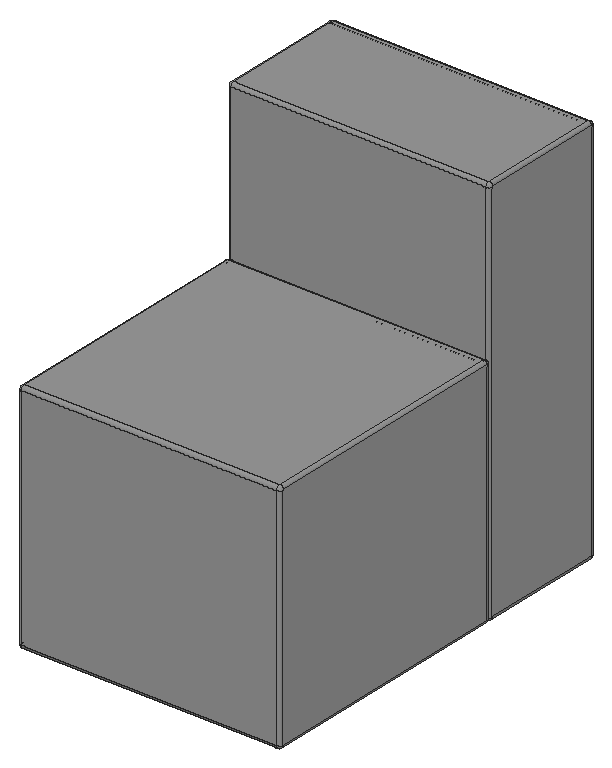
Revit family "TS1022 Elevate Wind Lounge Chair", category Generic Models, Revit 2018
Family settings
  Can host rebar = No
  Round Connector Dimension = Use Diameter
  Part Type = Normal
  Work Plane-Based = No
  Always vertical = Yes
  Cut with Voids When Loaded = No
  Shared = No
  Room Calculation Point = No
Parameters
  Seat Fabric = TS1020 Lounge Chair Seat Fabric
  Back Fabric = TS1020 Lounge Chair Back Fabric
Reference planes (in)
  plane 1 "Center (Front/Back)": y = 0
  plane 2: z = 0
  plane 3 "Center (Left/Right)": x = 0
Forms (in)
  Sweep 1, solid, material "TS1020 Lounge Chair Back Fabric" <- "Back Fabric"
    path origin (0, 0, 0) x (0, 1, 0) y (0, 0, 1)
      loop
        line (4.73021, 29.75) -> (-4.73021, 29.75)
        arc (-4.73021, 29.75) -> (-4.7442, 29.7442) -> (-4.75, 29.73021) r 0.01979
        line (-4.75, 29.73021) -> (-4.75, 0.26979)
        arc (-4.75, 0.26979) -> (-4.7442, 0.2558) -> (-4.73021, 0.25) r 0.01979
        line (-4.73021, 0.25) -> (4.73021, 0.25)
        arc (4.73021, 0.25) -> (4.7442, 0.2558) -> (4.75, 0.26979) r 0.01979
        line (4.75, 0.26979) -> (4.75, 29.73021)
        arc (4.75, 29.73021) -> (4.7442, 29.7442) -> (4.73021, 29.75) r 0.01979
    profile origin (0, 0, 29.75) x (0, 0, -1) y (1, 0, 0)
      loop
        line (0, -10) -> (0, 10)
        arc (0, 10) -> (-0.17678, 9.92678) -> (-0.25, 9.75) r 0.25
        line (-0.25, 9.75) -> (-0.25, -9.75)
        arc (-0.25, -9.75) -> (-0.17678, -9.92678) -> (0, -10) r 0.25
  Extrusion 2, solid, material "TS1020 Lounge Chair Back Fabric" <- "Back Fabric"
    sketch origin (0, 0, 0) x (0, 1, 0) y (0, 0, 1)
      loop
        arc (4.73021, 0.25) -> (4.7442, 0.2558) -> (4.75, 0.26979) r 0.01979
        line (4.75, 0.26979) -> (4.75, 29.73021)
        arc (4.75, 29.73021) -> (4.7442, 29.7442) -> (4.73021, 29.75) r 0.01979
        line (4.73021, 29.75) -> (-4.73021, 29.75)
        arc (-4.73021, 29.75) -> (-4.7442, 29.7442) -> (-4.75, 29.73021) r 0.01979
        line (-4.75, 29.73021) -> (-4.75, 0.26979)
        arc (-4.75, 0.26979) -> (-4.7442, 0.2558) -> (-4.73021, 0.25) r 0.01979
        line (-4.73021, 0.25) -> (4.73021, 0.25)
    from -10 to 10
  Sweep 3, solid, material "TS1020 Lounge Chair Seat Fabric" <- "Seat Fabric"
    path origin (0, -20, 0) x (0, 1, 0) y (0, 0, 1)
      loop
        line (14.73021, 17.75) -> (-4.73021, 17.75)
        arc (-4.73021, 17.75) -> (-4.7442, 17.7442) -> (-4.75, 17.73021) r 0.01979
        line (-4.75, 17.73021) -> (-4.75, 0.26979)
        arc (-4.75, 0.26979) -> (-4.7442, 0.2558) -> (-4.73021, 0.25) r 0.01979
        line (-4.73021, 0.25) -> (14.73021, 0.25)
        arc (14.73021, 0.25) -> (14.7442, 0.2558) -> (14.75, 0.26979) r 0.01979
        line (14.75, 0.26979) -> (14.75, 17.73021)
        arc (14.75, 17.73021) -> (14.7442, 17.7442) -> (14.73021, 17.75) r 0.01979
    profile origin (0, -15, 17.75) x (0, 0, -1) y (1, 0, 0)
      loop
        line (0, -10) -> (0, 10)
        arc (0, 10) -> (-0.17678, 9.92678) -> (-0.25, 9.75) r 0.25
        line (-0.25, 9.75) -> (-0.25, -9.75)
        arc (-0.25, -9.75) -> (-0.17678, -9.92678) -> (0, -10) r 0.25
  Extrusion 4, solid, material "TS1020 Lounge Chair Seat Fabric" <- "Seat Fabric"
    sketch origin (0, -20, 0) x (0, 1, 0) y (0, 0, 1)
      loop
        arc (14.73021, 0.25) -> (14.7442, 0.2558) -> (14.75, 0.26979) r 0.01979
        line (14.75, 0.26979) -> (14.75, 17.73021)
        arc (14.75, 17.73021) -> (14.7442, 17.7442) -> (14.73021, 17.75) r 0.01979
        line (14.73021, 17.75) -> (-4.73021, 17.75)
        arc (-4.73021, 17.75) -> (-4.7442, 17.7442) -> (-4.75, 17.73021) r 0.01979
        line (-4.75, 17.73021) -> (-4.75, 0.26979)
        arc (-4.75, 0.26979) -> (-4.7442, 0.2558) -> (-4.73021, 0.25) r 0.01979
        line (-4.73021, 0.25) -> (14.73021, 0.25)
    from -10 to 10
Dimensions and locks (in)
  aligned and locked: plane 2 to level
